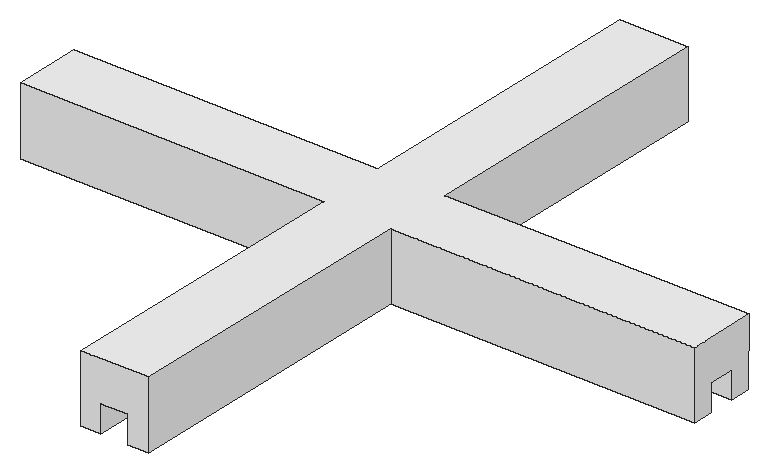
Revit family "K-Form_Kryds_p_i_5021205", category Generic Models, Revit 2020
Family settings
  Can host rebar = No
  Round Connector Dimension = Use Diameter
  Part Type = Normal
  Work Plane-Based = Yes
  Always vertical = No
  Cut with Voids When Loaded = No
  Shared = No
  Room Calculation Point = No
Parameters
  Website Link = "https://www.haucon.fi/tuotteet/liikuntasaumalaitteet/k-form-valurajaaja-ja-liikuntasaumalaite/44/k-form"
  Top Height [instance] = 22.54 mm
  Plastic [instance] = PVC
  Height [instance] = 50 mm
  Extend [instance] = 100 mm
  Default Elevation = 1219.2 mm
Reference planes
  plane 1 "Center (Front/Back)": y = 0
  plane 2: z = 0
  plane 3 "Center (Left/Right)": x = 0
  plane 4: y = 50
  plane 5: x = -50
  plane 6: x = 50
  plane 7: y = -50
  plane 8: x = 5
  plane 9: y = 5
  plane 10: y = -5
  plane 11: x = -5
  plane 12: x = 5
  plane 13 "Height": z = 50
Forms (mm)
  Extrusion 1, solid, material "PVC" <- "Plastic"
    sketch origin (0, 0, 50) x (-1, 0, 0) y (0, -1, 0)
      loop
        line (50, 5) -> (5, 5) -> (5, 50) -> (-5, 50) -> (-5, 5) -> (-50, 5) -> (-50, -5) -> (-5, -5) -> (-5, -50) -> (5, -50) -> (5, -5) -> (50, -5) -> (50, 5)
    from 0 to 10
  Extrusion 2, void
    sketch origin (0, 0, 50) x (-1, 0, 0) y (0, -1, 0)
      loop
        line (50, 2) -> (2, 2) -> (2, 50) -> (-2, 50) -> (-2, 2) -> (-50, 2) -> (-50, -2) -> (-2, -2) -> (-2, -50) -> (2, -50) -> (2, -2) -> (50, -2) -> (50, 2)
    from 0 to 4
Cuts and joins
  Extrusion 2 cuts Extrusion 1
Dimensions and locks
  "Extend": plane 7 to plane 4
  "Extend": plane 5 to plane 6
  equal spacing: plane 5, plane 3 "Center (Left/Right)", plane 6
  equal spacing: plane 7, plane 1 "Center (Front/Back)", plane 4
  "Height": plane 13 "Height" to level
  aligned and locked: level to plane 2
  aligned and locked: Extrusion 1 to plane 6
  aligned and locked: Extrusion 1 to plane 5
  aligned and locked: Extrusion 1 to plane 4
  aligned and locked: Extrusion 1 to plane 7
  aligned and locked: Extrusion 1 to Extrusion 2  (x4)
  aligned and locked: plane 9 to Extrusion 1  (x2)
  aligned and locked: Extrusion 1 to plane 10
  aligned and locked: plane 10 to cut or joined group of Extrusion 1, Extrusion 2
  aligned and locked: Extrusion 1 to plane 11  (x2)
  aligned and locked: Extrusion 1 to plane 8
  aligned and locked: plane 8 to Extrusion 1
Automatic sketch dimensions
  Extrusion 1 sketch curve to plane 6 = 0 mm
  Extrusion 1 sketch curve to plane 7 = 0 mm
  Extrusion 1 sketch curve to plane 8 = 0 mm  (x2)
  plane 4 to Extrusion 1 sketch curve = 0 mm
  Extrusion 1 sketch curve to plane 10 = 0 mm  (x2)
  Extrusion 1 sketch curve to plane 11 = 0 mm  (x2)
  Extrusion 1 sketch curve to plane 5 = 0 mm
  Extrusion 1 sketch curve to plane 9 = 0 mm  (x2)
  Extrusion 2 sketch curve to plane 6 = 0 mm
  Extrusion 2 sketch curve to plane 7 = 0 mm
  plane 4 to Extrusion 2 sketch curve = 0 mm
  Extrusion 2 sketch curve to plane 5 = 0 mm
  plane 3 "Center (Left/Right)" to Extrusion 2 sketch curve = 2 mm  (x2)
  Extrusion 2 sketch curve to plane 3 "Center (Left/Right)" = 2 mm  (x2)
  Extrusion 2 sketch curve to plane 1 "Center (Front/Back)" = 2 mm  (x2)
  plane 1 "Center (Front/Back)" to Extrusion 2 sketch curve = 2 mm  (x2)
